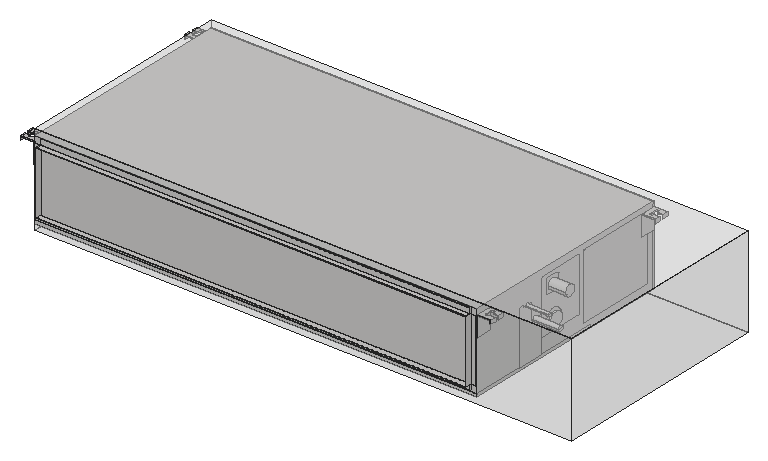
Revit family "outputfile", category 機械設備, Revit 2024
Family settings
  丸型コネクタ寸法 = 半径を使用
  パーツ タイプ = 標準
  OmniClass 番号 = 23.75.10.24.21.27.27
  OmniClass タイトル = Split System Air Conditioning Units
  作業面ベース = いいえ
  常に垂直 = はい
  ロード時にボイドで切り取り = いいえ
  注釈の向きを維持 = いいえ
  共有 = いいえ
  部屋計算ポイント = はい
Parameters (values of type "FPSQ100CV1")
  Description = ""
  書き出し IFC クラス(タイプ) = "IfcUnitaryEquipmentType"
  定義済み IFC タイプ(タイプ) = "AIRCONDITIONINGUNIT"
  Cost = 0
  Type Comments = ""
  Keynote = ""
  Type Image = (empty or 0)
  Assembly Code = ""
  w_RA Duct Size = if(Width = 1000.0 mm, 1000.0 mm, 1400.0 mm)  # 1400.0 mm
  r_HP/LP Gas Pipe Size = 4.75 mm
  lw_HP/LP Gas Pipe Size = 60.0 mm  # constant formula
  lh_HP/LP Gas Pipe Size = -103.0 mm
  ld_mountinghole = 24.0 mm  # constant formula
  ld_HP/LP Gas Pipe Size = 131.0 mm
  製造元 = "Daikin"
  モデル = "FPSQ100CV1"
  w_pipe = 33.0 mm
  r_Liquid Pipe Size = Liquid Pipe Size / 2  # 4.75 mm
  r_Gas Pipe Size = Gas Pipe Size / 2  # 7.95 mm
  r_Drain Pipe Size = Drain Pipe Size / 2  # 16.0 mm
  lw_powersupply = 49.5 mm
  lh_suctionflange [instance] = if(Rear Connection_Return Air, 125.0 mm + [h***], 190.0 mm + [h***])  # 125.0 mm
  ld_suctionflange [instance] = if(Rear Connection_Return Air, 190.0 mm, 126.5 mm)  # 190.0 mm
  ld_powersupply = 60.0 mm
  angle_vertical_RA [instance] = if(Rear Connection_Return Air, 90.00°, 0.00°)  # 90.00°
  angle horizontal_RA [instance] = if(Rear Connection_Return Air, 180.00°, 270.00°)  # 180.00°
  Voltage_comment_50Hz = "220 - 240"
  Voltage_50Hz = 230 V
  URL = ""
  Supply Air Direction [instance] = yes
  Sound Power Level_H speed (dB) = 0
  Rear Connection_Return Air [instance] = not(Bottom Connection_Return Air)  # yes
  RA_length = 190.0 mm  # constant formula
  Phase_50Hz = 1
  Minimum External Static Pressure = 50.00 Pa
  Minimum Circuit Amps_50Hz = 1.4 A
  Maximum Fuse Amps_50Hz = 16.0 A
  Maximum External Static Pressure = 100.00 Pa
  Material_Casing = DAIKIN_GalvanizedSteel_Casing_indoorunit
  lw_liquidpipe = 75.0 mm  # constant formula
  lw_gaspipe = 83.0 mm  # constant formula
  lw_mountinghole_pitch = Width + 45.0 mm  # 1445.0 mm
  lw_mountinghole = 20.0 mm  # constant formula
  lw_drainpipe = 58.0 mm  # constant formula
  lh_powersupply = 20.0 mm
  lh_liquidpipe = 175.0 mm
  lh_gaspipe = 124.0 mm
  lh_mountinghole = Height + [h***]  # 250.0 mm
  lh_drainpipe = 57.0 mm
  lh_antena = 1.0 mm  # constant formula
  ld_liquidpipe = 197.0 mm
  ld_gaspipe = 228.0 mm  # constant formula
  ld_mountinghole_pitch = 651.0 mm  # constant formula
  ld_drainpipe = 403.0 mm  # constant formula
  ld_controlbox = 626.0 mm  # constant formula
  h*** = 0.0 mm  # constant formula
  d_dischargeflange = 19.0 mm  # constant formula
  Width = 1400.0 mm
  Version = "ver.1.0"
  Unit Type = "Middle Static Ceiling Mounted Duct Type"
  Unit Mass Weight = 42.00 kg
  Unit Designation [instance] = ""
  Uniclass2015Version = "Products v1.30"
  Uniclass2015Title = "Variable refrigerant flow units"
  Uniclass2015Code = "Pr_70_65_03_94"
  Total Cooling Capacity [instance] = 0.000 kW
  Sound Pressure Level_M speed (dBA) = 34
  Sound Pressure Level_L speed (dBA) = 31
  Sound Pressure Level_H speed (dBA) = 37
  Series = "VRV HOME_Fan Coil Unit"
  Sensible Cooling Capacity [instance] = 0.000 kW
  SA Duct Size Width = 1360.0 mm
  SA Duct Size Height = 198.0 mm
  Refrigerant Type = "R410A"
  RA Duct Size Width = 1364.0 mm
  RA Duct Size Height [instance] = if(Rear Connection_Return Air, 214.0 mm, 217.0 mm)  # 214.0 mm
  Power Input (Cooling) = 0.228 kW
  Option Accessory 3 [instance] = ""
  Option Accessory 2 [instance] = ""
  Option Accessory 1 [instance] = ""
  Nominal Cooling Capacity = 11.200 kW
  Minimum Airflow = 1092.00 m³/h
  Median Airflow = 1386.00 m³/h
  Maximum Airflow = 1680.00 m³/h
  Load Classification = HVAC
  Liquid Pipe Size = 9.5 mm
  Link_Nested Family [instance] = ""
  IfcVersion = ""
  IfcExportType = "AIRCONDITIONINGUNIT"
  IfcExportAs = "IfcUnitaryEquipmentType"
  Height = 250.0 mm
  Heat Exchanger Type = "Cross Fin Coil"
  Gas Pipe Size = 15.9 mm
  Frequency_50Hz = 50 Hz
  Fan Type = "Sirocco Fan"
  Fan Drive = "Direct Drive"
  FCU Tag No. [instance] = ""
  Drain Pipe Size = 32.0 mm
  Design Supply Airflow [instance] = 0.00 m³/h
  Design Return Airflow [instance] = 0.00 m³/h
  Design External Static Pressure [instance] = 0.00 Pa
  Depth = 700.0 mm
  既定の高さ = 0.0 mm
  Cooling Entering Wet Bulb Temperature [instance] = 0.00 °C
  Cooling Entering Dry Bulb Temperature [instance] = 0.00 °C
  Cooling Ambient Wet Bulb Temperature [instance] = 0.00 °C
  Cooling Ambient Dry Bulb Temperature [instance] = 0.00 °C
  Clearance visibility [instance] = yes
  Clearance Top = 20.0 mm
  Clearance Right = 300.0 mm
  Clearance Rear = 0.0 mm
  Clearance Left = 0.0 mm
  Clearance Front = 0.0 mm
  Clearance Bottom = 20.0 mm
  Bottom Connection_Return Air [instance] = no
Reference planes
  plane 1 "Center (Front/Back)": y = 0
  plane 2: z = 0
  plane 3 "Center (Left/Right)": x = 0
  plane 4 "Back": y = 350
  plane 5 "Front": y = -350
  plane 6 "Left": x = -700
  plane 7 "Right": x = 700
  plane 8 "Top": z = 0
  plane 9 "Bottom": z = -250
  plane 10: x = 325
  plane 11: x = -330
  plane 12: z = -230
  plane 13: z = -6
  plane 14: z = -72
  plane 15: z = -75
  plane 16: z = -126
  plane 17: x = -304
  plane 18: x = -722.5
  plane 19: x = 722.5
  plane 20: y = -326
  plane 21: y = 325
  plane 22: x = -742.5
  plane 23: x = 390
  plane 24: x = 775
  plane 25: x = 783
  plane 26: x = 758
  plane 27: z = 0
  plane 28 "Clearance Left": x = -700
  plane 29 "Clearance Right": x = 1000
  plane 30 "Clearance Rear": y = 350
  plane 31 "Clearance Front": y = -350
  plane 32 "Clearance Top": z = 20
  plane 33 "Clearance Bottom": z = -270
  plane 34: z = -14
  plane 35: z = -57
  plane 36: z = -146.5
  plane 37: x = 0
  plane 38: y = -122
  plane 39: y = -153
  plane 40: y = -30
  plane 41: y = -53
  plane 42: z = -119
  plane 43: y = -349
  plane 44: x = -699
  plane 45: z = -140
  plane 46: z = -80
  plane 47: y = 210
  plane 48: z = -249
  plane 49: y = 160
  plane 50: z = -151
  plane 51: x = 730
  plane 52: z = 11
  plane 53: z = 97.5
  plane 54: y = -219
Forms (mm)
  Extrusion 1, solid, material "DAIKIN_GalvanizedSteel_Casing_indoorunit" <- "Material_Casing"
    sketch origin (0, 0, 0) x (1, 0, 0) y (0, 1, 0)
      loop
        line (-700, -350) -> (700, -350) -> (700, 350) -> (-700, 350) -> (-700, -350)
    from -250 to 0
  Revolve 2, solid, material "DAIKIN_GalvanizedSteel_Casing_indoorunit" <- "Material_Casing"
    sketch origin (0, 0, -126) x (0, -1, 0) y (1, 0, 0)
      loop
        line (114.05, 700) -> (122, 700) -> (122, 783) -> (114.05, 783) -> (114.05, 700)
      axis (122, 700) -> (122, 783)
    angle from 0 to 360
  Revolve 3, solid, material "DAIKIN_GalvanizedSteel_Casing_indoorunit" <- "Material_Casing"
    sketch origin (0, 0, -75) x (0, -1, 0) y (1, 0, 0)
      loop
        line (153, 700) -> (153, 775) -> (148.25, 775) -> (148.25, 700) -> (153, 700)
      axis (153, 775) -> (153, 700)
    angle from 0 to 360
  Extrusion 4, solid, material "DAIKIN_GalvanizedSteel_Casing_indoorunit" <- "Material_Casing"
    sketch origin (700, 0, 33.75) x (0, 1, 0) y (0, 0, 1)
      loop
        circle (-53, -90.75) r 16
    from 0 to 58
  Extrusion 5, solid, material "DAIKIN_GalvanizedSteel_Casing_indoorunit" <- "Material_Casing"
    sketch origin (0, 0, 0) x (1, 0, 0) y (0, 0, 1)
      loop
        line (-700, -240) -> (-700, -250) -> (700, -250) -> (700, -240) -> (-700, -240)
    from -97 to 350
  Extrusion 6, solid, material "DAIKIN_GalvanizedSteel_Casing_indoorunit" <- "Material_Casing"
    sketch origin (700, 0, 0) x (0, 1, 0) y (0, 0, 1)
      loop
        circle (-49.014, -158.014) r 22.5
    from 11.3 to 0
  Extrusion 7, solid, material "DAIKIN_GalvanizedSteel_Casing_indoorunit" <- "Material_Casing"
    sketch origin (700, 0, 0) x (0, 1, 0) y (0, 0, 1)
      loop
        circle (-49.014, -158.014) r 30
    from 0 to 3
  Extrusion 8, solid, material "DAIKIN_GalvanizedSteel_Casing_indoorunit" <- "Material_Casing"
    sketch origin (700, 0, 0) x (0, 1, 0) y (0, 0, 1)
      loop
        arc (-94.014, -189.014) -> (-93.135, -191.135) -> (-91.014, -192.014) r 3
        line (-91.014, -192.014) -> (49.986, -192.014)
        arc (49.986, -192.014) -> (52.108, -191.135) -> (52.986, -189.014) r 3
        line (52.986, -189.014) -> (52.986, -25.014)
        arc (52.986, -25.014) -> (52.108, -22.892) -> (49.986, -22.014) r 3
        line (49.986, -22.014) -> (-91.014, -22.014)
        arc (-91.014, -22.014) -> (-93.135, -22.892) -> (-94.014, -25.014) r 3
        line (-94.014, -25.014) -> (-94.014, -189.014)
      loop
        line (-78.486, -40.478) -> (-78.486, -73.478)
        arc (-78.486, -73.478) -> (-75.855, -79.845) -> (-69.494, -82.486) r 9
        line (-69.494, -82.486) -> (-36.492, -82.486)
        arc (-36.492, -82.486) -> (-30.134, -79.848) -> (-27.486, -73.494) r 9.023
        line (-27.486, -73.494) -> (-27.486, -40.478)
        arc (-27.486, -40.478) -> (-30.122, -34.122) -> (-36.478, -31.486) r 9
        line (-36.478, -31.486) -> (-69.494, -31.486)
        arc (-69.494, -31.486) -> (-75.85, -34.122) -> (-78.486, -40.478) r 9
    from 0 to 1
  Extrusion 9, solid, material "DAIKIN_GalvanizedSteel_Casing_indoorunit" <- "Material_Casing"
    sketch origin (700, 0, 0) x (0, 1, 0) y (0, 0, 1)
      loop
        line (72.008, -16.198) -> (72.008, -225) -> (324.002, -225) -> (324.002, -83.198) -> (299.002, -83.198) -> (299.002, -16.198) -> (72.008, -16.198)
    from 0 to 1
  Extrusion 10, solid, material "DAIKIN_GalvanizedSteel_Casing_indoorunit"
    sketch origin (700, 0, 0) x (0, 1, 0) y (0, 0, 1)
      loop
        line (-96.045, -240) -> (-96.045, -126.163) -> (-136.045, -126.163) -> (-136.045, -75.163) -> (-166.999, -75.163) -> (-166.999, -70.163) -> (-181.045, -70.163) -> (-181.045, -240) -> (-96.045, -240)
    from 0 to 1
Dimensions and locks
  "lh_powersupply": plane 12 to plane 9 "Bottom"
  locked: plane 8 "Top" to plane 13 at 6
  "Height": plane 8 "Top" to plane 9 "Bottom"
  locked: plane 17 to plane 3 "Center (Left/Right)" at 304
  equal spacing: plane 18, plane 3 "Center (Left/Right)", plane 19
  "lw_mountinghole_pitch": plane 18 to plane 19
  locked: plane 14 to plane 9 "Bottom" at 178
  "lw_mountinghole": plane 22 to plane 18
  "lh_liquidpipe": plane 15 to plane 9 "Bottom"
  "lh_gaspipe": plane 16 to plane 9 "Bottom"
  "lh_mountinghole": plane 27 to plane 9 "Bottom"
  "ld_mountinghole_pitch": plane 21 to plane 20
  equal spacing: plane 6 "Left", plane 3 "Center (Left/Right)", plane 7 "Right"
  "Width": plane 6 "Left" to plane 7 "Right"
  "Clearance Right": plane 7 "Right" to plane 29 "Clearance Right"
  "Clearance Left": plane 28 "Clearance Left" to plane 6 "Left"
  "lw_gaspipe": plane 7 "Right" to plane 25
  "lw_liquidpipe": plane 7 "Right" to plane 24
  "lw_drainpipe": plane 7 "Right" to plane 26
  "Clearance Rear": plane 30 "Clearance Rear" to plane 4 "Back"
  "Clearance Front": plane 5 "Front" to plane 31 "Clearance Front"
  "Clearance Top": plane 32 "Clearance Top" to plane 8 "Top"
  "Clearance Bottom": plane 9 "Bottom" to plane 33 "Clearance Bottom"
  plane 8 "Top" to plane 34 = 14.0 mm
  "lh_drainpipe": plane 8 "Top" to plane 35
  locked: plane 36 to plane 9 "Bottom" at 103.5
  locked: plane 34 to plane 42 at 105
  "Depth": plane 4 "Back" to plane 5 "Front"
  equal spacing: plane 4 "Back", plane 1 "Center (Front/Back)", plane 5 "Front"
  locked: plane 43 to plane 5 "Front" at 1
  locked: plane 44 to plane 6 "Left" at 1
  locked: plane 12 to plane 45 at 90
  plane 47 to nested 13 = 122.0 mm
  locked: plane 48 to plane 9 "Bottom" at 1
  "ld_suctionflange": plane 4 "Back" to plane 49
  locked: plane 50 to plane 9 "Bottom" at 99
  locked: plane 51 to plane 7 "Right" at 30
  "r_Gas Pipe Size": Revolve 2 sketch curve to Revolve 2 sketch curve
  "ld_gaspipe": plane 38 to plane 5 "Front"
  "r_Liquid Pipe Size": Revolve 3 sketch curve to plane 39
  "ld_liquidpipe": plane 39 to plane 5 "Front"
  "ld_drainpipe": plane 4 "Back" to plane 41
  "ld_HP/LP Gas Pipe Size": plane 54 to plane 5 "Front"
  plane 8 "Top" to plane 15 = 75.0 mm
  "ld_mountinghole": plane 20 to plane 5 "Front"
  locked: plane 8 "Top" to nested 16 at 20
  equal spacing: plane 6 "Left", plane 37, plane 7 "Right"
  "ld_gaspipe": plane 5 "Front" to Revolve 2 sketch curve
  locked: plane 46 to plane 9 "Bottom" at 170
  "r_Drain Pipe Size": radius of Extrusion 4 sketch curve
  aligned and locked: level to plane 2
  aligned and locked: Extrusion 1 to plane 9 "Bottom"
  aligned and locked: plane 8 "Top" to Extrusion 1
  aligned and locked: Revolve 2 sketch curve to Revolve 2 sketch curve
  aligned and locked: nested 6 to plane 24
  aligned and locked: nested 6 to plane 15
  aligned and locked: nested 2 to plane 21
  aligned and locked: plane 19 to nested 2
  aligned and locked: plane 19 to nested 3
  aligned and locked: plane 18 to nested 4
  aligned and locked: plane 21 to nested 5
  aligned and locked: nested 5 to plane 21
  aligned and locked: plane 18 to nested 5
  aligned and locked: Extrusion 5 to plane 5 "Front"
  aligned and locked: Extrusion 5 to plane 9 "Bottom"
  aligned and locked: nested 7 to plane 16
  aligned and locked: plane 38 to nested 7
  aligned and locked: plane 39 to nested 6
  aligned and locked: Extrusion 4 sketch curve to plane 41
  aligned and locked: plane 4 "Back" to nested 12
  aligned and locked: plane 29 "Clearance Right" to nested 14
  aligned and locked: plane 28 "Clearance Left" to nested 14
  aligned and locked: nested 14 to plane 31 "Clearance Front"
  aligned and locked: nested 14 to plane 32 "Clearance Top"
  aligned and locked: nested 14 to plane 33 "Clearance Bottom"
  aligned and locked: nested 8 to plane 35
  aligned and locked: nested 10 to plane 1 "Center (Front/Back)"
  aligned and locked: plane 3 "Center (Left/Right)" to nested 10
  aligned and locked: plane 42 to nested 9
  aligned and locked: level to plane 8 "Top"
  aligned and locked: plane 3 "Center (Left/Right)" to nested 1
  aligned and locked: Extrusion 1 sketch curve to plane 5 "Front"
  aligned and locked: plane 3 "Center (Left/Right)" to nested 16
  aligned and locked: plane 5 "Front" to nested 16
  aligned and locked: nested 9 to plane 5 "Front"
  aligned and locked: plane 39 to Revolve 3 sketch curve  (x2)
  aligned and locked: plane 7 "Right" to nested 7
  aligned and locked: plane 7 "Right" to nested 8
  aligned and locked: plane 41 to nested 8
  aligned and locked: plane 1 "Center (Front/Back)" to nested 1
  aligned and locked: nested 4 to plane 20
  aligned and locked: nested 3 to plane 20
  aligned and locked: plane 37 to nested 15
  aligned and locked: nested 15 to plane 49
  aligned and locked: plane 7 "Right" to Revolve 3 sketch curve
  aligned and locked: plane 7 "Right" to Revolve 2 sketch curve
  aligned and locked: Revolve 2 sketch curve to nested 7
  aligned and locked: plane 8 "Top" to nested 12
  aligned and locked: plane 3 "Center (Left/Right)" to nested 12
  aligned and locked: plane 3 "Center (Left/Right)" to nested 13
  aligned and locked: plane 9 "Bottom" to nested 13
  aligned and locked: plane 30 "Clearance Rear" to nested 14
  aligned and locked: plane 4 "Back" to nested 13
  aligned and locked: plane 7 "Right" to nested 11
  aligned and locked: plane 26 to Extrusion 4
Automatic sketch dimensions
  Extrusion 1 sketch curve to plane 4 "Back" = 0.0 mm
  Extrusion 1 sketch curve to plane 6 "Left" = 0.0 mm
  Extrusion 1 sketch curve to plane 7 "Right" = 0.0 mm
  Revolve 2 sketch curve to plane 37 = 57.997 mm
  plane 24 to Revolve 2 sketch curve = 1.003 mm
  Revolve 3 sketch curve to plane 24 = 0.0 mm  (x2)
  Revolve 3 sketch curve to Revolve 3 sketch curve = 1.0 mm
  Extrusion 5 sketch curve to plane 6 "Left" = 0.0 mm
  Extrusion 5 sketch curve to plane 7 "Right" = 0.0 mm
  Extrusion 5 sketch curve to plane 9 "Bottom" = 0.0 mm
  Extrusion 5 sketch curve to plane 12 = 10.0 mm
  plane 35 to Extrusion 4 sketch curve = 0.0 mm
  plane 38 to Extrusion 6 sketch curve = 72.986 mm
  plane 12 to Extrusion 6 sketch curve = 71.986 mm
  plane 41 to Extrusion 7 sketch curve = 3.986 mm
  Extrusion 7 sketch curve to plane 50 = 7.014 mm
  plane 38 to Extrusion 8 sketch curve = 27.986 mm
  Extrusion 8 sketch curve to Extrusion 8 sketch curve = 3.0 mm  (x3)
  Extrusion 8 sketch curve to plane 14 = 1.478 mm
  Extrusion 8 sketch curve to plane 41 = 25.486 mm
  Extrusion 8 sketch curve to plane 46 = 2.486 mm
  Extrusion 8 sketch curve to Extrusion 8 sketch curve = 8.992 mm  (x2)
  Extrusion 8 sketch curve to plane 14 = 1.486 mm
  Extrusion 8 sketch curve to Extrusion 8 sketch curve = 9.0 mm
  Extrusion 8 sketch curve to plane 14 = 1.463 mm
  Extrusion 8 sketch curve to plane 40 = 6.509 mm
  Extrusion 8 sketch curve to plane 40 = 6.492 mm
  Extrusion 8 sketch curve to plane 40 = 6.486 mm
  Extrusion 8 sketch curve to plane 40 = 6.478 mm
  Extrusion 8 sketch curve to plane 14 = 1.494 mm
  Extrusion 8 sketch curve to plane 34 = 8.014 mm
  Extrusion 8 sketch curve to plane 1 "Center (Front/Back)" = 49.986 mm  (x2)
  Extrusion 8 sketch curve to plane 50 = 38.014 mm
  plane 35 to Extrusion 8 sketch curve = 16.514 mm
  Extrusion 8 sketch curve to Extrusion 8 sketch curve = 32.977 mm
  Extrusion 8 sketch curve to Extrusion 8 sketch curve = 0.008 mm
  Extrusion 9 sketch curve to plane 34 = 2.198 mm
  Extrusion 9 sketch curve to plane 1 "Center (Front/Back)" = 72.008 mm
  Extrusion 9 sketch curve to plane 46 = 3.198 mm
  Extrusion 9 sketch curve to plane 21 = 25.998 mm
  Extrusion 9 sketch curve to plane 21 = 0.998 mm  (x2)
  plane 12 to Extrusion 9 sketch curve = 5.0 mm
  plane 48 to Extrusion 10 sketch curve = 9.0 mm
  Extrusion 10 sketch curve to plane 39 = 28.045 mm
  Extrusion 10 sketch curve to plane 15 = 0.163 mm
  Extrusion 10 sketch curve to plane 39 = 13.999 mm
  Extrusion 10 sketch curve to plane 16 = 0.163 mm
  Extrusion 10 sketch curve to plane 38 = 14.045 mm
  plane 38 to Extrusion 10 sketch curve = 25.955 mm
  plane 14 to Extrusion 10 sketch curve = 1.837 mm
  radius of Extrusion 6 sketch curve = 22.5 mm
  radius of Extrusion 7 sketch curve = 30.0 mm
Nested families
  nested 1: "daikin_hangerfixture_FPSQ-CV1" at (0, 0, -15.5), type "daikin_hangerfixture_FPSQ-CV1"
    with width 1400.0 mm
  nested 2: "daikin_mountinghole" at (722.5, 325, -265.5), l_antenna <- "lh_antena", Link_Nested Family <- "Link_Nested Family", h_mountinghole <- "lh_mountinghole", type "daikin_mountinghole"
    with show yes, l_antenna 1.0 mm, h_mountinghole 250.0 mm, Link_Nested Family ""
  nested 3: "daikin_mountinghole" at (722.5, -326, -265.5), Link_Nested Family <- "Link_Nested Family", l_antenna <- "lh_antena", h_mountinghole <- "lh_mountinghole", type "daikin_mountinghole"
    with show yes, l_antenna 1.0 mm, h_mountinghole 250.0 mm, Link_Nested Family ""
  nested 4: "daikin_mountinghole" at (-722.5, -326, -265.5), l_antenna <- "lh_antena", Link_Nested Family <- "Link_Nested Family", h_mountinghole <- "lh_mountinghole", type "daikin_mountinghole"
    with show yes, l_antenna 1.0 mm, h_mountinghole 250.0 mm, Link_Nested Family ""
  nested 5: "daikin_mountinghole" at (-722.5, 325, -265.5), l_antenna <- "lh_antena", Link_Nested Family <- "Link_Nested Family", h_mountinghole <- "lh_mountinghole", type "daikin_mountinghole"
    with show yes, l_antenna 1.0 mm, h_mountinghole 250.0 mm, Link_Nested Family ""
  nested 6: "daikin_connector_rotate2" at (700, -153, -75) x (0, 1, 0) z (0, 0, 1), length <- "lw_liquidpipe", built-in parameter 1001364 <- "lh_liquidpipe", radius <- "r_Liquid Pipe Size", type "daikin_connector_rotate2"
    with radius 4.75 mm, length 75.0 mm, angle_vertical 90.00°
  nested 7: "daikin_connector_rotate2" at (700, -122, -126) x (0, 1, 0) z (0, 0, 1), length <- "lw_gaspipe", built-in parameter 1001364 <- "lh_gaspipe", radius <- "r_Gas Pipe Size", type "daikin_connector_rotate2"
    with radius 7.95 mm, length 83.0 mm, angle_vertical 90.00°
  nested 8: "daikin_connector_rotate2" at (700, -53, -57) x (0, 1, 0) z (0, 0, 1), built-in parameter 1001364 <- "lh_drainpipe", radius <- "r_Drain Pipe Size", length <- "lw_drainpipe", type "daikin_connector_rotate2"
    with radius 16.0 mm, length 58.0 mm, angle_vertical 90.00°
  nested 9: "daikin_connector_rotate2" at (0, -350, -119), length <- "d_dischargeflange", type "daikin_connector_rotate2"
    with radius 10.0 mm, length 19.0 mm, angle_vertical 90.00°
  nested 10: "daikin_△_symbolicline" at (-75, -129.904, 250) x (-0.5, 0.866, 0) z (0, 0, 1), built-in parameter 1001364 <- "Height", visible <- "Supply Air Direction", type "daikin_△_symbolicline"
    with length 300.0 mm
  nested 11: "daikin_connector_rotate2" at (640, 273.008, -220) x (0, 1, 0) z (0, 0, 1), type "daikin_connector_rotate2"
    with radius 10.0 mm, length 60.0 mm, angle_vertical 90.00°
  nested 12: "daikin_ductflange_FPSQ-CV1_2" at (0, 350, -125), material <- "Material_Casing", visible <- "Rear Connection_Return Air", width <- "w_RA Duct Size", type "daikin_ductflange_FPSQ-CV1_2"
    with width 1400.0 mm, material DAIKIN_GalvanizedSteel_Casing_indoorunit, height 214.0 mm, depth 21.2 mm
  nested 13: "daikin_ductflange_FPSQ-CV1_2" at (0, 225, -250) x (1, 0, 0) z (0, 1, 0), material <- "Material_Casing", visible <- "Bottom Connection_Return Air", width <- "w_RA Duct Size", height <- "RA Duct Size Height", type "daikin_ductflange_FPSQ-CV1_2"
    with width 1400.0 mm, material DAIKIN_GalvanizedSteel_Casing_indoorunit, height 214.0 mm, depth 21.0 mm
  nested 14: "daikin_clearancespace" at (150, 0, -124.881), visible <- "Clearance visibility", show <- "Clearance visibility", Link_Nested Family <- "Link_Nested Family", type "daikin_clearancespace"
    with width 1700.0 mm, show yes, height 290.0 mm, depth 700.0 mm, Link_Nested Family ""
  nested 15: "daikin_connector_rotate3" at (0, 160, -125), built-in parameter 1001364 <- "lh_suctionflange", angle_vertical <- "angle_vertical_RA", angle_horizontal <- "angle horizontal_RA", length <- "RA_length", type "daikin_connector_rotate3"
    with show no, radius 10.0 mm, length 190.0 mm, angle_vertical 90.00°, angle_horizontal 180.00°
  nested 16: "daikin_ductflange_FPSQ-CV1_1" at (0, -36.5, -408.201), width <- "SA Duct Size Width", type "daikin_ductflange_FPSQ-CV1_1"
    with width 1360.0 mm, material DAIKIN_GalvanizedSteel_Casing_indoorunit, height 200.0 mm, depth 19.0 mm
Connectors
  piping at (783, -122, -126), diameter 15.9, driven by "r_Gas Pipe Size"
    settings: on nested 7, index 1, connector inside diameter 609.6 mm, connector length 0.0 mm, flow factor 0, pipe flow 0.00 m³/h, pressure drop 0.0 Pa, fitting loss kfactor 0, connector angle 0.00°, fixture units 0, engagement length 0.0 mm, angle of deflection 0.00°, flow configuration 1, flow direction 2, fitting loss method 0, system type 29, joint type 0, gender type 0, connector reference index -1, connector utility 0, adjustable connector no, is connector primary yes, connector description "Refrigerant Gas Piping"
  piping at (775, -153, -75), diameter 9.5, driven by "r_Liquid Pipe Size"
    settings: on nested 6, index 2, connector inside diameter 609.6 mm, connector length 0.0 mm, flow factor 0, pipe flow 0.00 m³/h, pressure drop 0.0 Pa, fitting loss kfactor 0, connector angle 0.00°, fixture units 0, engagement length 0.0 mm, angle of deflection 0.00°, flow configuration 1, flow direction 1, fitting loss method 0, system type 29, joint type 0, gender type 0, connector reference index -1, connector utility 0, adjustable connector no, is connector primary no, connector description "Refrigerant Liquid Piping"
  piping at (758, -53, -57), diameter 32, driven by "r_Drain Pipe Size"
    settings: on nested 8, index 3, connector inside diameter 609.6 mm, connector length 0.0 mm, flow factor 0, pipe flow 0.00 m³/h, pressure drop 0.0 Pa, fitting loss kfactor 0, connector angle 0.00°, fixture units 0, engagement length 0.0 mm, angle of deflection 0.00°, flow configuration 1, flow direction 2, fitting loss method 4, system type 16, joint type 0, gender type 0, connector reference index -1, connector utility 0, adjustable connector no, is connector primary no, connector description "Condensate Drain Piping"
  electrical at (700, 273.008, -220), driven by "Load Classification"
    settings: on nested 11, index 9, voltage 0 V, apparent load 0 VA, apparent load phase1 0 VA, apparent load phase2 0 VA, apparent load phase3 0 VA, power factor 1, load classification "HVAC", number of poles 1, system type 30, power factor state 1, is connector primary yes, connector utility no, sub classification motor no, connector description "Power Supply"
  hvac at (0, -369, -119), driven by "SA Duct Size Height", driven by "SA Duct Size Width"
    settings: on nested 9, index 11, duct flow 0.00 m³/h, flow factor 0, pres drop 0.00 Pa, loss coef 0, conn angle 0.00°, conn width 1360.0 mm, conn height 198.0 mm, conn diameter 609.6 mm, duct sys type 1, conn prof type 1, flow config 0, flow direction 2, loss method 4, conn ref index -1, conn util no, is conn primary yes, conn desc "SA Duct"
  hvac at (0, 350, -125), driven by "RA Duct Size Height", driven by "RA Duct Size Width"
    settings: on nested 15, index 12, duct flow 0.00 m³/h, flow factor 0, pres drop 0.00 Pa, loss coef 0, conn angle 0.00°, conn width 1364.0 mm, conn height 214.0 mm, conn diameter 609.6 mm, duct sys type 2, conn prof type 1, flow config 0, flow direction 1, loss method 4, conn ref index -1, conn util no, is conn primary no, conn desc "RA Duct"
  piping at (783, -122, -126), diameter 15.9, driven by "r_Gas Pipe Size"
    settings: on nested 7, index 13, connector inside diameter 609.6 mm, connector length 0.0 mm, flow factor 0, pipe flow 0.00 m³/h, pressure drop 0.0 Pa, fitting loss kfactor 0, connector angle 0.00°, fixture units 0, engagement length 0.0 mm, angle of deflection 0.00°, flow configuration 1, flow direction 2, fitting loss method 0, system type 29, joint type 0, gender type 0, connector reference index -1, connector utility 0, adjustable connector no, is connector primary no, connector description "Refrigerant Gas Piping"
Definition of nested family "daikin_hangerfixture_FPSQ-CV1"
  Parameters (values of type "daikin_hangerfixture_FPSQ-CV1")
    width = 1000.0 mm
    material = none
    height = 65.0 mm
    depth = 699.0 mm
    Default Elevation = 0.0 mm
  Reference planes
    plane 1 "Center (Front/Back)": y = 0
    plane 2: z = 0
    plane 3 "Center (Left/Right)": x = 0
    plane 4: x = 500
    plane 5: y = 349
    plane 6: y = -350
    plane 7: x = -500
  Forms (mm)
    Extrusion 1, solid, material <- "material"
      sketch origin (0, 0, 0) x (-1, 0, 0) y (0, 0, -1)
        loop
          line (500, 0) -> (545, 0) -> (545, 11.998) -> (542.7, 11.998) -> (542.7, 2.298) -> (502.108, 2.298) -> (502.108, 64.997) -> (500, 64.997) -> (500, 0)
      from -349 to 350
    Extrusion 2, void
      sketch origin (0, 0, 0) x (1, 0, 0) y (0, 1, 0)
        loop
          line (-545, 301) -> (-545, -302) -> (-500, -302) -> (-500, 301) -> (-545, 301)
        loop
          line (-545, -319.499) -> (-545, -332.501) -> (-529.997, -332.501)
          arc (-529.997, -332.501) -> (-529.291, -332.793) -> (-528.998, -333.5) r 0.998
          line (-528.998, -333.5) -> (-528.998, -335)
          arc (-528.998, -335) -> (-522.999, -340.999) -> (-517, -335) r 5.999
          line (-517, -335) -> (-517, -317)
          arc (-517, -317) -> (-522.999, -311.001) -> (-528.998, -317) r 5.999
          line (-528.998, -317) -> (-528.998, -318.5)
          arc (-528.998, -318.5) -> (-529.291, -319.207) -> (-529.997, -319.499) r 0.998
          line (-529.997, -319.499) -> (-545, -319.499)
        loop
          line (-545, 331.502) -> (-545, 318.5) -> (-529.997, 318.5)
          arc (-529.997, 318.5) -> (-529.291, 318.208) -> (-528.998, 317.501) r 0.998
          line (-528.998, 317.501) -> (-528.998, 316.001)
          arc (-528.998, 316.001) -> (-522.999, 310.002) -> (-517, 316.001) r 5.999
          line (-517, 316.001) -> (-517, 334.001)
          arc (-517, 334.001) -> (-522.999, 340) -> (-528.998, 334.001) r 5.999
          line (-528.998, 334.001) -> (-528.998, 332.5)
          arc (-528.998, 332.5) -> (-529.291, 331.794) -> (-529.997, 331.502) r 0.998
          line (-529.997, 331.502) -> (-545, 331.502)
      from 0 to -80
    Extrusion 3, solid, material <- "material"
      sketch origin (0, 0, 0) x (1, 0, 0) y (0, 0, 1)
        loop
          line (500, 0) -> (500, -64.997) -> (502.108, -64.997) -> (502.108, -2.298) -> (542.7, -2.298) -> (542.7, -11.998) -> (545, -11.998) -> (545, 0) -> (500, 0)
      from -349 to 350
    Extrusion 4, void
      sketch origin (0, 0, 0) x (-1, 0, 0) y (0, -1, 0)
        loop
          line (-545, -301) -> (-500, -301) -> (-500, 302) -> (-545, 302) -> (-545, -301)
        loop
          line (-517, 317) -> (-517, 335)
          arc (-517, 335) -> (-522.999, 340.999) -> (-528.998, 335) r 5.999
          line (-528.998, 335) -> (-528.998, 333.5)
          arc (-528.998, 333.5) -> (-529.291, 332.793) -> (-529.997, 332.501) r 0.998
          line (-529.997, 332.501) -> (-545, 332.501) -> (-545, 319.499) -> (-529.997, 319.499)
          arc (-529.997, 319.499) -> (-529.291, 319.207) -> (-528.998, 318.5) r 0.998
          line (-528.998, 318.5) -> (-528.998, 317)
          arc (-528.998, 317) -> (-522.999, 311.001) -> (-517, 317) r 5.999
        loop
          line (-545, -331.502) -> (-529.997, -331.502)
          arc (-529.997, -331.502) -> (-529.291, -331.794) -> (-528.998, -332.5) r 0.998
          line (-528.998, -332.5) -> (-528.998, -334.001)
          arc (-528.998, -334.001) -> (-522.999, -340) -> (-517, -334.001) r 5.999
          line (-517, -334.001) -> (-517, -316.001)
          arc (-517, -316.001) -> (-522.999, -310.002) -> (-528.998, -316.001) r 5.999
          line (-528.998, -316.001) -> (-528.998, -317.501)
          arc (-528.998, -317.501) -> (-529.291, -318.208) -> (-529.997, -318.5) r 0.998
          line (-529.997, -318.5) -> (-545, -318.5) -> (-545, -331.502)
      from 0 to -80
  Cuts and joins
    Extrusion 2, Extrusion 4 cuts Extrusion 1
    Extrusion 4 cuts Extrusion 3
  Dimensions and locks
    plane 5 to plane 1 "Center (Front/Back)" to plane 6 = 349.0 mm, 350.0 mm
    "depth": plane 5 to plane 6
    plane 6 to plane 1 "Center (Front/Back)" to plane 5 = 350.0 mm, 349.0 mm
    equal spacing: plane 7, plane 3 "Center (Left/Right)", plane 4
    "width": plane 7 to plane 4
    plane 7 to Extrusion 1 sketch curve = 2.108 mm
    level to Extrusion 1 sketch curve = 11.998 mm
    plane 7 to Extrusion 1 sketch curve = 45.0 mm
    Extrusion 1 sketch curve to Extrusion 1 sketch curve = 2.3 mm
    plane 2 to Extrusion 1 sketch curve = 64.997 mm
    Extrusion 3 sketch curve to Extrusion 3 sketch curve = 2.3 mm
    aligned and locked: level to plane 2
    aligned and locked: Extrusion 1 sketch curve to plane 7
    aligned and locked: plane 2 to Extrusion 1 sketch curve
    aligned and locked: plane 5 to Extrusion 1
    aligned and locked: plane 6 to Extrusion 1
  Automatic sketch dimensions
    Extrusion 1 sketch curve to level = 2.298 mm
    Extrusion 2 sketch curve to plane 7 = 0.0 mm
    Extrusion 2 sketch curve to plane 7 = 17.0 mm  (x2)
    Extrusion 2 sketch curve to Extrusion 2 sketch curve = 5.999 mm  (x4)
    Extrusion 2 sketch curve to Extrusion 2 sketch curve = 0.998 mm  (x4)
    Extrusion 2 sketch curve to Extrusion 2 sketch curve = 15.003 mm  (x2)
    Extrusion 2 sketch curve to Extrusion 2 sketch curve = 0.0 mm
    plane 6 to Extrusion 2 sketch curve = 15.0 mm
    Extrusion 2 sketch curve to Extrusion 2 sketch curve = 1.5 mm  (x4)
    Extrusion 2 sketch curve to Extrusion 2 sketch curve = 13.002 mm  (x2)
    Extrusion 2 sketch curve to Extrusion 2 sketch curve = 15.0 mm
    Extrusion 2 sketch curve to plane 5 = 48.0 mm
    Extrusion 2 sketch curve to Extrusion 2 sketch curve = 15.001 mm
    Extrusion 3 sketch curve to level = 0.0 mm
    Extrusion 3 sketch curve to plane 4 = 0.0 mm
    plane 4 to Extrusion 3 sketch curve = 2.108 mm
    Extrusion 3 sketch curve to level = 2.298 mm
    Extrusion 3 sketch curve to Extrusion 3 sketch curve = 40.592 mm
    Extrusion 3 sketch curve to Extrusion 3 sketch curve = 9.7 mm
    Extrusion 3 sketch curve to Extrusion 3 sketch curve = 62.7 mm
    Extrusion 4 sketch curve to plane 4 = 0.0 mm
    plane 4 to Extrusion 4 sketch curve = 17.0 mm  (x2)
    Extrusion 4 sketch curve to Extrusion 4 sketch curve = 5.999 mm  (x3)
    Extrusion 4 sketch curve to Extrusion 4 sketch curve = 0.998 mm  (x4)
    Extrusion 4 sketch curve to Extrusion 4 sketch curve = 15.003 mm  (x2)
    Extrusion 4 sketch curve to plane 5 = 14.999 mm
    Extrusion 4 sketch curve to Extrusion 4 sketch curve = 1.5 mm  (x4)
    Extrusion 4 sketch curve to Extrusion 4 sketch curve = 13.002 mm  (x2)
    Extrusion 4 sketch curve to Extrusion 4 sketch curve = 17.5 mm
    plane 6 to Extrusion 4 sketch curve = 48.0 mm
    Extrusion 4 sketch curve to Extrusion 4 sketch curve = 0.0 mm
    Extrusion 4 sketch curve to Extrusion 4 sketch curve = 12.997 mm
    Extrusion 4 sketch curve to Extrusion 4 sketch curve = 15.0 mm
Definition of nested family "daikin_ductflange_FPSQ-CV1_2"
  Parameters (values of type "daikin_ductflange_FPSQ-CV1_2")
    width [instance] = 620.0 mm
    material [instance] = none
    height [instance] = 214.0 mm
    depth [instance] = 21.2 mm
    Default Elevation = 0.0 mm
  Reference planes
    plane 1 "Center (Front/Back)": y = 0
    plane 2: z = 0
    plane 3 "Center (Left/Right)": x = 0
    plane 4: y = -313.5
    plane 5: y = -334.7
    plane 6: x = -310
    plane 7: x = 310
    plane 8: z = 107
    plane 9: z = -107
    plane 10: z = 125
    plane 11: z = -125
    plane 12: x = -309
    plane 13: x = 309
  Forms (mm)
    Extrusion 1, solid, material <- "material"
      sketch origin (0, 0, 0) x (1, 0, 0) y (0, 0, 1)
        loop
          line (-292, 107) -> (-292, -107) -> (292, -107) -> (292, 107) -> (-292, 107)
        loop
          line (-310, -125) -> (310, -125) -> (310, 125) -> (-310, 125) -> (-310, -125)
      from 0 to 1
  Dimensions and locks
    plane 4 to plane 1 "Center (Front/Back)" = 313.5 mm
    "depth": plane 5 to plane 4
    equal spacing: plane 7, plane 3 "Center (Left/Right)", plane 6, locked at 310 each
    "width": plane 7 to plane 6
    equal spacing: plane 8, level, plane 9
    "height": plane 8 to plane 9
    plane 12 to plane 6 = 1.0 mm
    locked: plane 7 to plane 13 at 1
    locked: Extrusion 1 sketch curve to plane 6 at 18
    locked: plane 7 to Extrusion 1 sketch curve at 18
    locked: plane 10 to plane 8 at 18
    locked: plane 9 to plane 11 at 18
    aligned and locked: level to plane 2
    aligned and locked: plane 8 to Extrusion 1
    aligned and locked: plane 9 to Extrusion 1
    aligned and locked: Extrusion 1 sketch curve to plane 10
    aligned and locked: plane 6 to Extrusion 1 sketch curve
    aligned and locked: plane 7 to Extrusion 1 sketch curve
    aligned and locked: Extrusion 1 sketch curve to plane 11
    aligned and locked: plane 9 to Extrusion 1 sketch curve
    aligned and locked: Extrusion 1 sketch curve to plane 8
Definition of nested family "daikin_clearancespace"
  Parameters (values of type "daikin_clearancespace")
    Description = "daikin_clearancespace"
    width [instance] = 1823.963 mm
    show [instance] = yes
    material = none
    height [instance] = 1359.762 mm
    depth [instance] = 880.0 mm
    Default Elevation = 0.0 mm
    Link_Nested Family [instance] = ""
  Reference planes
    plane 1 "Center (Front/Back)": y = 0
    plane 2 "Center (Elevation)": z = -0.119
    plane 3 "Center (Left/Right)": x = 0
    plane 4: y = 440
    plane 5: y = -440
    plane 6 "Right": x = 911.982
    plane 7 "Left": x = -911.982
    plane 8 "Top": z = 679.762
    plane 9 "Bottom": z = -680
  Forms (mm)
    Extrusion 1, solid, material <- "material", visible <- "show"
      sketch origin (0, 0, 0) x (1, 0, 0) y (0, 1, 0)
        loop
          line (-911.982, 440) -> (-911.982, -440) -> (911.982, -440) -> (911.982, 440) -> (-911.982, 440)
      from -680 to 679.762
  Lines and regions (mm)
    symbolic lines, visible <- "show"
      curve 1: line (911.982, 440, 0) -> (-911.982, 440, 0)
      curve 2: line (-911.982, 440, 0) -> (-911.982, -440, 0)
      curve 3: line (-911.982, -440, 0) -> (911.982, -440, 0)
      curve 4: line (911.982, -440, 0) -> (911.982, 440, 0)
      curve 5: line (911.982, 0, 679.762) -> (-911.982, 0, 679.762)
      curve 6: line (911.982, 0, -680) -> (911.982, 0, 679.762)
      curve 7: line (-911.982, 0, -680) -> (911.982, 0, -680)
      curve 8: line (-911.982, 0, 679.762) -> (-911.982, 0, -680)
      curve 9: line (0, 440, 679.762) -> (0, -440, 679.762)
      curve 10: line (0, -440, 679.762) -> (0, -440, -680)
      curve 11: line (0, 440, -680) -> (0, 440, 679.762)
      curve 12: line (0, -440, -680) -> (0, 440, -680)
  Dimensions and locks
    "width": plane 7 "Left" to plane 6 "Right"
    "depth": plane 4 to plane 5
    "height": plane 8 "Top" to plane 9 "Bottom"
    equal spacing: plane 7 "Left", plane 3 "Center (Left/Right)", plane 6 "Right"
    equal spacing: plane 4, plane 1 "Center (Front/Back)", plane 5
    equal spacing: plane 8 "Top", plane 2 "Center (Elevation)", plane 9 "Bottom"
    aligned and locked: level to plane 2 "Center (Elevation)"
    aligned and locked: Extrusion 1 sketch curve to plane 4
    aligned and locked: plane 7 "Left" to Extrusion 1 sketch curve
    aligned and locked: Extrusion 1 sketch curve to plane 5
    aligned and locked: Extrusion 1 sketch curve to plane 6 "Right"
    aligned and locked: plane 8 "Top" to Extrusion 1
    aligned and locked: curve 1 to Extrusion 1
    aligned and locked: curve 2 to Extrusion 1
    aligned and locked: curve 3 to Extrusion 1
    aligned and locked: curve 4 to Extrusion 1
    aligned and locked: curve 5 to Extrusion 1
    aligned and locked: curve 6 to Extrusion 1
    aligned and locked: curve 7 to Extrusion 1
    aligned and locked: curve 8 to Extrusion 1
    aligned and locked: curve 9 to Extrusion 1
    aligned and locked: curve 10 to Extrusion 1
    aligned and locked: curve 11 to Extrusion 1
    aligned and locked: curve 12 to Extrusion 1
    aligned and locked: Extrusion 1 to plane 9 "Bottom"
Definition of nested family "daikin_ductflange_FPSQ-CV1_1"
  Parameters (values of type "daikin_ductflange_FPDQ-APV1_1")
    width [instance] = 660.0 mm
    material [instance] = none
    height [instance] = 155.0 mm
    depth [instance] = 19.0 mm
    Default Elevation = 0.0 mm
  Reference planes
    plane 1 "Center (Front/Back)": y = 0
    plane 2: z = 189.201
    plane 3 "Center (Left/Right)": x = 0
    plane 4: y = -313.5
    plane 5: x = -330
    plane 6: x = 330
    plane 7: y = -332.5
    plane 8: z = 344.201
    plane 9: z = 266.701
    plane 10: z = 343.201
    plane 11: z = 190.201
  Forms (mm)
    Extrusion 1, solid, material <- "material"
      sketch origin (0, 0, 189.201) x (1, 0, 0) y (0, 1, 0)
        loop
          line (-330, -332.5) -> (-330, -313.5) -> (-348.2, -313.5) -> (-348.2, -314.5) -> (-331, -314.5) -> (-331, -332.5) -> (-330, -332.5)
        loop
          line (330, -332.5) -> (331, -332.5) -> (331, -314.5) -> (348.2, -314.5) -> (348.2, -313.5) -> (330, -313.5) -> (330, -332.5)
      from 1 to 154
    Extrusion 2, solid, material <- "material"
      sketch origin (0, 0, 0) x (0, 1, 0) y (0, 0, 1)
        loop
          line (-313.5, 343.201) -> (-313.5, 361.201) -> (-314.5, 361.201) -> (-314.5, 344.201) -> (-332.5, 344.201) -> (-332.5, 343.201) -> (-313.5, 343.201)
        loop
          line (-313.5, 190.201) -> (-332.5, 190.201) -> (-332.5, 189.201) -> (-314.5, 189.201) -> (-314.5, 172.201) -> (-313.5, 172.201) -> (-313.5, 190.201)
      from -330 to 330
  Dimensions and locks
    plane 4 to plane 1 "Center (Front/Back)" = 313.5 mm
    "depth": plane 7 to plane 4
    equal spacing: plane 8, plane 9, level
    "height": plane 8 to level
    equal spacing: plane 6, plane 3 "Center (Left/Right)", plane 5
    "width": plane 6 to plane 5
    locked: plane 8 to plane 10 at 1
    locked: plane 11 to level at 1
    locked: Extrusion 1 to Extrusion 2 sketch curve at 1
    locked: Extrusion 2 sketch curve to Extrusion 1 at 1
    locked: Extrusion 1 sketch curve to Extrusion 1 sketch curve at 1  (x2)
    Extrusion 1 sketch curve to plane 5 = 18.2 mm
    plane 6 to Extrusion 1 sketch curve = 18.2 mm
    aligned and locked: level to plane 2
    aligned and locked: plane 4 to Extrusion 1  (x2)
    aligned and locked: plane 5 to Extrusion 1
    aligned and locked: Extrusion 1 to plane 7  (x2)
    aligned and locked: Extrusion 1 to plane 6
    aligned and locked: Extrusion 1 to plane 10
    aligned and locked: Extrusion 1 to plane 11
    aligned and locked: plane 10 to Extrusion 1
    aligned and locked: plane 11 to Extrusion 1
    aligned and locked: Extrusion 2 to plane 5
    aligned and locked: plane 5 to Extrusion 2
    aligned and locked: plane 6 to Extrusion 2
    aligned and locked: Extrusion 2 to plane 6
    aligned and locked: Extrusion 2 to plane 11
    aligned and locked: Extrusion 2 to plane 10
  Automatic sketch dimensions
    Extrusion 1 sketch curve to plane 4 = 0.0 mm  (x2)
    Extrusion 1 sketch curve to plane 7 = 0.0 mm  (x2)
    Extrusion 1 sketch curve to plane 5 = 0.0 mm
    Extrusion 1 sketch curve to plane 5 = 1.0 mm
    plane 6 to Extrusion 1 sketch curve = 1.0 mm
    Extrusion 2 sketch curve to plane 7 = 0.0 mm  (x2)
    Extrusion 2 sketch curve to plane 4 = 0.0 mm  (x2)
    Extrusion 2 sketch curve to plane 11 = 0.0 mm
    Extrusion 2 sketch curve to plane 10 = 0.0 mm
    Extrusion 2 sketch curve to plane 4 = 1.0 mm  (x2)
    Extrusion 2 sketch curve to level = 17.0 mm
    plane 8 to Extrusion 2 sketch curve = 17.0 mm
    Extrusion 1 sketch curve to plane 6 = 0.0 mm
Definition of nested family "daikin_mountinghole"
  Parameters (values of type "daikin_mountinghole")
    Default Elevation = 1219.2 mm
    Type Comments = "mountinghole"
    show [instance] = yes
    material = none
    l_centerline = 100.0 mm
    l_antenna [instance] = 100.0 mm
    h_mountinghole [instance] = 0.0 mm
    d_circle = 30.0 mm
    Link_Nested Family [instance] = ""
  Reference planes
    plane 1 "Center (Front/Back)": y = 0
    plane 2: z = 0
    plane 3 "Center (Left/Right)": x = 0
    plane 4: y = 50
    plane 5: x = -50
    plane 6: x = 50
    plane 7: y = -50
    plane 8 "h_mountinghole": z = 0
    plane 9: z = 100
  Lines and regions (mm)
    model lines, detail levels fine
      curve 1: circle (0, 0, 0) r 15 normal (0, 0, 1)
      curve 2: line (-50, 0, 0) -> (50, 0, 0)
      curve 3: line (0, 50, 0) -> (0, -50, 0)
    symbolic lines, detail levels fine
      curve 4: circle (0, 0, 0) r 15 normal (0, 0, 1)
      curve 5: line (-50, 0, 0) -> (50, 0, 0)
      curve 6: line (0, 50, 0) -> (0, -50, 0)
    model lines
      curve 7: line (0, 0, 100) -> (0, 0, 0)
  Dimensions and locks
    equal spacing: plane 4, plane 1 "Center (Front/Back)", plane 7
    "l_centerline": plane 4 to plane 7
    equal spacing: plane 5, plane 3 "Center (Left/Right)", plane 6
    "l_centerline": plane 5 to plane 6
    "l_antenna": plane 9 to plane 8 "h_mountinghole"
    "h_mountinghole": plane 8 "h_mountinghole" to plane 2
    "d_circle": diameter of curve 1
    "d_circle": diameter of curve 4
    aligned and locked: level to plane 2
    aligned and locked: plane 1 "Center (Front/Back)" to curve 1
    aligned and locked: plane 3 "Center (Left/Right)" to curve 1
    aligned and locked: plane 1 "Center (Front/Back)" to curve 2
    aligned and locked: curve 3 to plane 3 "Center (Left/Right)"
    aligned and locked: plane 6 to curve 2
    aligned and locked: plane 5 to curve 2
    aligned and locked: plane 4 to curve 3
    aligned and locked: plane 7 to curve 3
    aligned and locked: plane 1 "Center (Front/Back)" to curve 4
    aligned and locked: plane 3 "Center (Left/Right)" to curve 4
    aligned and locked: plane 6 to curve 5
    aligned and locked: plane 5 to curve 5
    aligned and locked: plane 1 "Center (Front/Back)" to curve 5
    aligned and locked: plane 4 to curve 6
    aligned and locked: plane 7 to curve 6
    aligned and locked: curve 6 to plane 3 "Center (Left/Right)"
    aligned and locked: curve 7 to plane 3 "Center (Left/Right)"
    aligned and locked: plane 9 to curve 7
    aligned and locked: plane 8 "h_mountinghole" to curve 7
Definition of nested family "daikin_connector_rotate2"
  Parameters (values of type "daikin_connector_rotate2")
    show_face = no
    radius [instance] = 10.0 mm
    length [instance] = 600.0 mm
    d_surface = 10.0 mm
    angle_vertical [instance] = 90.00°
    Default Elevation = 0.0 mm
  Reference planes
    plane 1 "Center (Front/Back)": y = 0
    plane 2: z = 0
    plane 3 "Center (Left/Right)": x = 0
  Forms (mm)
    Extrusion 1, solid, visible <- "show_face"
      sketch origin (0, -600, 0) x (1, 0, 0) y (0, 0, 1)
        loop
          circle (0, 0) r 10
      from 0 to -10
  Lines and regions (mm)
    reference lines
      curve 1: line (0, 0, 0) -> (0, -600, 0)
    symbolic lines
      curve 2: circle (0, 0, 0) r 5 normal (0, 0, 1)
    model lines, visible <- "show_face"
      curve 3: line (0, 0, 0) -> (0, -600, 0)
  Dimensions and locks
    "length": curve 1 to curve 1
    "length": curve 3 to curve 3
    "d_surface": Extrusion 1 to Extrusion 1
    "radius": radius of Extrusion 1 sketch curve
    "angle_vertical": angle curve 1 to plane 1 "Center (Front/Back)"
    "angle_vertical": angle curve 3 to plane 1 "Center (Front/Back)"
    aligned and locked: level to plane 2
    aligned and locked: plane 1 "Center (Front/Back)" to curve 1
    aligned and locked: plane 2 to curve 1
    aligned and locked: plane 1 "Center (Front/Back)" to curve 2
    aligned and locked: plane 3 "Center (Left/Right)" to curve 2
    aligned and locked: plane 1 "Center (Front/Back)" to curve 3
    aligned and locked: plane 2 to curve 3
    aligned and locked: Extrusion 1 to Extrusion 1
  Automatic sketch dimensions
    Extrusion 1 sketch curve to level = 0.0 mm
    Extrusion 1 sketch curve to plane 3 "Center (Left/Right)" = 0.0 mm
    radius of curve 2 = 5.0 mm
Definition of nested family "daikin_△_symbolicline"
  Parameters (values of type "daikin_△_symbolicline")
    length [instance] = 500.0 mm
    Default Elevation = 0.0 mm
  Reference planes
    plane 1 "Center (Front/Back)": y = 0
    plane 2: z = 0
    plane 3 "Center (Left/Right)": x = 0
  Lines and regions (mm)
    symbolic lines
      curve 1: line (0, -433.013, 0) -> (250, 0, 0)
      curve 2: line (250, 0, 0) -> (-250, 0, 0)
      curve 3: line (-250, 0, 0) -> (0, -433.013, 0)
  Dimensions and locks
    equal spacing: curve 3, plane 3 "Center (Left/Right)", curve 2
    "length": curve 3 to curve 2
    "length": curve 3 to curve 3
    "length": curve 1 to curve 1
    aligned and locked: level to plane 2
    aligned and locked: curve 2 to plane 1 "Center (Front/Back)"
    aligned and locked: plane 3 "Center (Left/Right)" to curve 3
Definition of nested family "daikin_connector_rotate3"
  Parameters (values of type "daikin_connector_rotate3")
    Default Elevation = 0.0 mm
    show [instance] = no
    radius [instance] = 10.0 mm
    length [instance] = 600.0 mm
    angle_horizontal [instance] = 60.00°
    angle_vertical [instance] = 90.00°
  Reference planes
    plane 1 "Center (Front/Back)": y = 0
    plane 2: z = 0
    plane 3 "Center (Left/Right)": x = 0
  Dimensions and locks
    "angle_horizontal": angle plane 3 "Center (Left/Right)" to nested 1
    aligned and locked: level to plane 2
    aligned and locked: plane 1 "Center (Front/Back)" to nested 1  (x2)
    aligned and locked: plane 3 "Center (Left/Right)" to nested 1
  Nested families
    nested 1: "daikin_connector_rotate2" at (0, 0, 0) x (0.5, 0.866, 0) z (0, 0, 1), angle_vertical <- "angle_vertical", length <- "length", radius <- "radius", type "daikin_connector_rotate2"
      with radius 10.0 mm, length 600.0 mm, angle_vertical 90.00°, show_face no
  Definition of nested family "daikin_connector_rotate2"
    Parameters (values of type "daikin_connector_rotate2")
      show_face = yes
      radius [instance] = 10.0 mm
      length [instance] = 600.0 mm
      d_surface = 10.0 mm
      angle_vertical [instance] = 90.00°
      Default Elevation = 0.0 mm
    Reference planes
      plane 1 "Center (Front/Back)": y = 0
      plane 2: z = 0
      plane 3 "Center (Left/Right)": x = 0
    Forms (mm)
      Extrusion 1, solid, visible <- "show_face"
        sketch origin (0, -600, 0) x (1, 0, 0) y (0, 0, 1)
          loop
            circle (0, 0) r 10
        from 0 to -10
    Lines and regions (mm)
      reference lines
        curve 1: line (0, 0, 0) -> (0, -600, 0)
      symbolic lines
        curve 2: circle (0, 0, 0) r 5 normal (0, 0, 1)
      model lines, visible <- "show_face"
        curve 3: line (0, 0, 0) -> (0, -600, 0)
    Dimensions and locks
      "length": curve 1 to curve 1
      "length": curve 3 to curve 3
      "d_surface": Extrusion 1 to Extrusion 1
      "radius": radius of Extrusion 1 sketch curve
      "angle_vertical": angle curve 1 to plane 1 "Center (Front/Back)"
      "angle_vertical": angle curve 3 to plane 1 "Center (Front/Back)"
      aligned and locked: level to plane 2
      aligned and locked: plane 1 "Center (Front/Back)" to curve 1
      aligned and locked: plane 2 to curve 1
      aligned and locked: plane 1 "Center (Front/Back)" to curve 2
      aligned and locked: plane 3 "Center (Left/Right)" to curve 2
      aligned and locked: plane 1 "Center (Front/Back)" to curve 3
      aligned and locked: plane 2 to curve 3
      aligned and locked: Extrusion 1 to Extrusion 1
    Automatic sketch dimensions
      Extrusion 1 sketch curve to level = 0.0 mm
      Extrusion 1 sketch curve to plane 3 "Center (Left/Right)" = 0.0 mm
      radius of curve 2 = 5.0 mm
